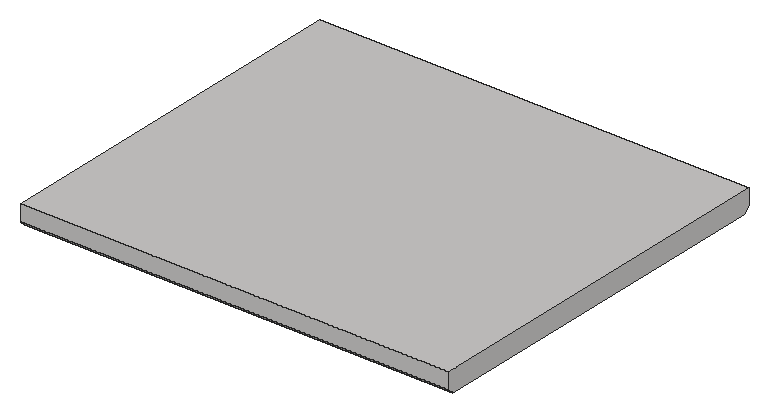
Revit family "QF_ELECTROLUXPROFESSIONAL_121101_TPLA8", category Attrezzature speciali, Revit 2020
Family settings
  Quota connettore circolare = Usa diametro
  Tipo di parte = Normale
  Basato su piano di lavoro = No
  Sempre verticale = Sì
  Taglio con vuoti quando caricato = No
  Condiviso = No
  Punto di calcolo locali = No
Parameters (values of type "Standard")
  Weight = 28.00 kg
  Watts = 0 W
  Volts = 0 V
  URL Manufacturer = "https://www.electroluxprofessional.com/"
  URL = "https://www.electroluxprofessional.com/"
  Steam Supply Size = 0 mm
  Steam Supply Minimum Pressure = 0.0 Pa
  Steam Supply Maximum Pressure = 0.0 Pa
  Steam Consumption per Hour = 0
  Refrigeration Suction Line Size = 0.0 mm
  Refrigeration Liquid Line Size = 0.0 mm
  Refrigerant Compressor Remote = yes
  Prospetto di default = 0.0 mm
  Phase = 0
  Modello = "TPLA8"
  Produttore = "Electrolux Professional"
  Length Actual = 800.0 mm  # constant formula
  Item Number = "121101"
  Hot Water Size = 0 mm
  Height Actual = 40.0 mm  # constant formula
  HP = "0 HP"
  Gas Size = 0 mm
  Gas KW = 0
  Gas Input Pressure = 0 W
  Direct Waste Size = 0 mm
  Descrizione = "WORK TOP 800MM"
  Depth Actual = 700.0 mm  # constant formula
  Cycle = 0 Hz
  Condensate Return Size = 0 mm
  Compressed Air Volume = 0.0 L/s
  Compressed Air Size = 0 mm
  Compressed Air Pressure = 0.0 Pa
  Cold Water Size = 0 mm
  Accessory = yes
Reference planes
  plane 1 "Center (Front/Back)": y = 0
  plane 2: z = 0
  plane 3 "Center (Left/Right)": x = 100
  plane 4 "LEFT": x = -300
  plane 5 "RIGHT": x = 500
  plane 6 "BACK": y = 350
  plane 7 "FRONT": y = -350
  plane 8 "TOP": z = 860
  plane 9 "BaseTop": z = 900
Forms (mm)
  Extrusion 1, solid, material "QF_Finishes_Stainless Steel"
    sketch origin (100, 0, 0) x (0, 1, 0) y (0, 0, 1)
      loop
        line (-350, 900) -> (-350, 870) -> (-340, 860) -> (340, 860) -> (350, 870) -> (350, 900) -> (-350, 900)
    from 400 to -400
Lines and regions (mm)
  symbolic lines
    curve 1: line (500, 350, 860) -> (-300, 350, 860)
    curve 2: line (-300, 350, 860) -> (-300, -350, 860)
    curve 3: line (-300, -350, 860) -> (500, -350, 860)
    curve 4: line (500, -350, 860) -> (500, 350, 860)
Dimensions and locks
  plane 4 "LEFT" to plane 5 "RIGHT" = 800.0 mm
  equal spacing: plane 4 "LEFT", plane 3 "Center (Left/Right)", plane 5 "RIGHT"
  plane 6 "BACK" to plane 7 "FRONT" = 700.0 mm
  equal spacing: plane 6 "BACK", plane 1 "Center (Front/Back)", plane 7 "FRONT"
  locked: plane 9 "BaseTop" to plane 8 "TOP" at 40
  plane 8 "TOP" to level = 860.0 mm
  aligned and locked: level to plane 2
  aligned and locked: Extrusion 1 to plane 4 "LEFT"
  aligned and locked: plane 5 "RIGHT" to Extrusion 1
  aligned and locked: curve 2 to plane 4 "LEFT"
  aligned and locked: plane 9 "BaseTop" to Extrusion 1 sketch curve
Automatic sketch dimensions
  curve 3 to plane 7 "FRONT" = 0.0 mm
  curve 4 to plane 6 "BACK" = 0.0 mm
  curve 4 to plane 5 "RIGHT" = 0.0 mm
  Extrusion 1 sketch curve to plane 7 "FRONT" = 0.0 mm
  level to Extrusion 1 sketch curve = 860.0 mm
  Extrusion 1 sketch curve to plane 6 "BACK" = 0.0 mm
  plane 7 "FRONT" to Extrusion 1 sketch curve = 10.0 mm
  level to Extrusion 1 sketch curve = 870.0 mm  (x2)
  Extrusion 1 sketch curve to plane 6 "BACK" = 10.0 mm
